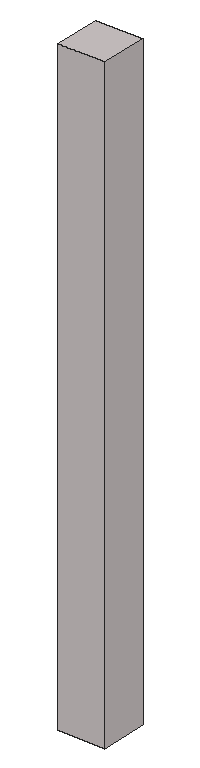
Revit family "Concrete Square", category 기둥, Revit 2026
Family settings
  로드될 때 보이드를 사용하여 절단 = 아니오
  자동으로 형상을 벽에 결합합니다 = 예
  공유 = 아니오
  평면도에서 미리 절단된 패밀리 표시 = 예
Parameters (values of type "230 x 230 mm")
  Width = 230 mm
  Column Material = RCC
Reference planes
  plane 1 "Center (Front/Back)": y = 0
  plane 2: z = 0
  plane 3 "Center (Left/Right)": x = 0
  plane 4 "Left": x = -115
  plane 5 "Right": x = 115
  plane 6 "Back": y = 115
  plane 7 "Front": y = -115
Forms (mm)
  Extrusion 1, solid, material "RCC" <- "Column Material"
    sketch origin (0, 0, 0) x (1, 0, 0) y (0, 1, 0)
      loop
        line (-115, 115) -> (-115, -115) -> (115, -115) -> (115, 115) -> (-115, 115)
    from 0 to 3000
Lines and regions (mm)
  Masking region 1
    outline origin (0, 0, 0) x (1, 0, 0) y (0, 1, 0)
      loop
        line (-115, 115) -> (-115, -115) -> (115, -115) -> (115, 115) -> (-115, 115)
  symbolic lines
    curve 1: line (-115, 115, 0) -> (115, 115, 0)
    curve 2: line (-115, -115, 0) -> (-115, 115, 0)
    curve 3: line (115, -115, 0) -> (-115, -115, 0)
    curve 4: line (115, 115, 0) -> (115, -115, 0)
Dimensions and locks
  equal spacing: plane 4 "Left", plane 3 "Center (Left/Right)", plane 5 "Right"
  equal spacing: plane 7 "Front", plane 1 "Center (Front/Back)", plane 6 "Back"
  "Width": plane 4 "Left" to plane 5 "Right"
  "Width": plane 7 "Front" to plane 6 "Back"
  aligned and locked: plane 4 "Left" to Extrusion 1 sketch curve
  aligned and locked: plane 6 "Back" to Extrusion 1 sketch curve
  aligned and locked: plane 7 "Front" to Extrusion 1 sketch curve
  aligned and locked: plane 5 "Right" to Extrusion 1 sketch curve
  aligned and locked: level to Extrusion 1
  aligned and locked: curve 1 to Extrusion 1  (x2)
  aligned and locked: Extrusion 1 to curve 4
  aligned and locked: curve 4 to Extrusion 1
  aligned and locked: Masking region 1 sketch curve to Extrusion 1  (x3)
  aligned and locked: Extrusion 1 to Masking region 1 sketch curve
